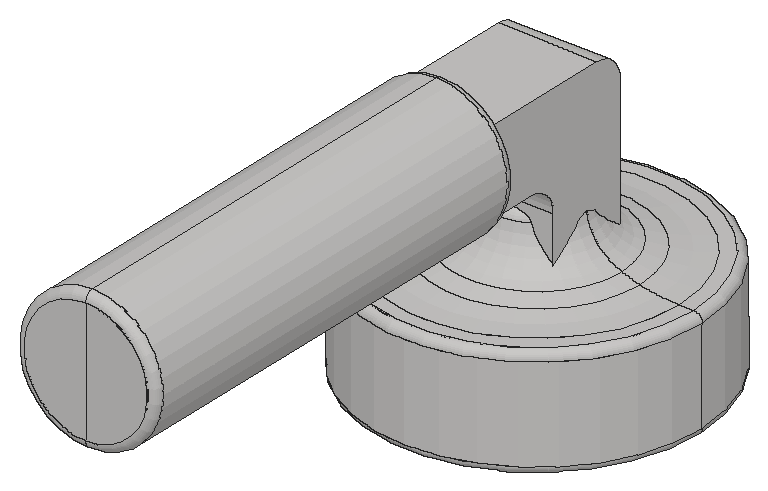
Revit family "FG74860-SUP473283_BIM", category Plumbing Fixtures, host Face, Revit 2014
Parameters (values of type "Standard")
  Width = 1 31/64"  # constant formula
  Vent Connection = no
  URL = ""
  Manufacturer = ""
  Faucet Material = Metal - Delta - Stainless-Steel
  Model = "FG74860-SUP473283"  # constant formula
  Height = 1 7/16"  # constant formula
  Description = "Faucet"  # constant formula
  Depth = 1 31/64"  # constant formula
  Default Elevation = 0"
Reference planes (in)
  plane 1 "Center (Front/Back)": y = 0
  plane 2: z = 0
  plane 3 "Center (Left/Right)": x = 0
  plane 4: x = 10.125
  plane 5: x = -0.74219
  plane 6: x = 0.74219
  plane 7: y = 0.74219
  plane 8: y = -0.74219
  plane 9: z = 1.4375
Forms (in)
  Revolve 1, solid, material "Metal - Delta - Stainless-Steel" <- "Faucet Material"
    sketch origin (0, 0, 0) x (1, 0, 0) y (0, 0, 1)
      loop
        line (0, 0.41499) -> (0, 0.7588) -> (-0.17466, 0.7588)
        arc (-0.17466, 0.7588) -> (-0.20591, 0.74702) -> (-0.22163, 0.71755) r 0.04737
        arc (-0.22163, 0.71755) -> (-0.27229, 0.6019) -> (-0.37713, 0.53156) r 0.22569
        arc (-0.37713, 0.53156) -> (-0.41774, 0.51952) -> (-0.45878, 0.50904) r 1.10757
        arc (-0.45878, 0.50904) -> (-0.54543, 0.49388) -> (-0.63324, 0.4888) r 0.76222
        line (-0.63324, 0.4888) -> (-0.69891, 0.4888)
        arc (-0.69891, 0.4888) -> (-0.7255, 0.47779) -> (-0.73651, 0.4512) r 0.03761
        line (-0.73651, 0.4512) -> (-0.73651, 0.03169)
        arc (-0.73651, 0.03169) -> (-0.72723, 0.00928) -> (-0.70482, 0) r 0.03169
        line (-0.70482, 0) -> (-0.66383, 0) -> (-0.64934, 0.41499) -> (0, 0.41499)
      axis (0, 0.7588) -> (0, 0)
    angle from 0 to 360
  Revolve 2, solid, material "Metal - Delta - Stainless-Steel" <- "Faucet Material"
    sketch origin (0, 0, 0) x (0, 1, 0) y (0, 0, 1)
      loop
        arc (-2.47321, 1.41602) -> (-2.50114, 1.40445) -> (-2.5127, 1.37652) r 0.0395
        line (-2.5127, 1.37652) -> (-2.5127, 1.1013) -> (-0.5127, 1.1013) -> (-0.5127, 1.37046)
        arc (-0.5127, 1.37046) -> (-0.52605, 1.40267) -> (-0.55826, 1.41602) r 0.04555
        line (-0.55826, 1.41602) -> (-2.47321, 1.41602)
      axis (-2.5127, 1.1013) -> (-0.5127, 1.1013)
    angle from 0 to 360
  Extrusion 3, solid, material "Metal - Delta - Stainless-Steel" <- "Faucet Material"
    sketch origin (0, 0, 0) x (0, 1, 0) y (0, 0, 1)
      loop
        line (0.06064, 1.28879) -> (-0.62288, 1.28879) -> (-0.62288, 0.91315) -> (-0.30844, 0.91315)
        arc (-0.30844, 0.91315) -> (-0.22072, 0.87681) -> (-0.18439, 0.7891) r 0.12405
        line (-0.18439, 0.7891) -> (-0.18439, 0.46271) -> (0.1871, 0.46271) -> (0.1871, 1.16233)
        arc (0.1871, 1.16233) -> (0.15006, 1.25175) -> (0.06064, 1.28879) r 0.12646
    from -0.22003 to 0.21997
Dimensions and locks (in)
  equal spacing: plane 5, plane 3 "Center (Left/Right)", plane 6
  "Width": plane 5 to plane 6
  equal spacing: plane 7, plane 1 "Center (Front/Back)", plane 8
  "Depth": plane 7 to plane 8
  "Height": plane 9 to plane 2
  aligned and locked: plane 2 to host face
  aligned and locked: level to host face
Automatic sketch dimensions
  host sketch curve to host sketch curve = 96"  (x2)
  Revolve 1 sketch curve to level = 0"
  Revolve 1 sketch curve to plane 3 "Center (Left/Right)" = 0"  (x2)
  Revolve 1 sketch curve to Revolve 1 sketch curve = 0.17466"
  Revolve 1 sketch curve to Revolve 1 sketch curve = 0.27077"
  Revolve 1 sketch curve to Revolve 1 sketch curve = 0.0161"
  Revolve 1 sketch curve to Revolve 1 sketch curve = 0.06566"
  Revolve 1 sketch curve to Revolve 1 sketch curve = 0.04099"
  Revolve 1 sketch curve to Revolve 1 sketch curve = 0.03761"
  level to Revolve 1 sketch curve = 0.41499"
  Revolve 1 sketch curve to Revolve 1 sketch curve = 0.03621"
  Revolve 1 sketch curve to Revolve 1 sketch curve = 0.29645"
  Revolve 1 sketch curve to Revolve 1 sketch curve = 0.03523"
  Revolve 1 sketch curve to Revolve 1 sketch curve = 0.04737"
  Revolve 1 sketch curve to Revolve 1 sketch curve = 0.50435"
  Revolve 1 sketch curve to Revolve 1 sketch curve = 0.33619"
  Revolve 1 sketch curve to Revolve 1 sketch curve = 0"  (x2)
  Revolve 1 sketch curve to Revolve 1 sketch curve = 0.13507"
  Revolve 1 sketch curve to Revolve 1 sketch curve = 0.014"
  Revolve 2 sketch curve to Revolve 2 sketch curve = 0.0395"
  Revolve 2 sketch curve to Revolve 2 sketch curve = 0.04555"
  level to Revolve 2 sketch curve = 1.1013"
  Revolve 2 sketch curve to Revolve 2 sketch curve = 0.26916"
  Revolve 2 sketch curve to Revolve 2 sketch curve = 0.08119"
  Revolve 2 sketch curve to Revolve 2 sketch curve = 0.06681"
  Revolve 2 sketch curve to Revolve 2 sketch curve = 0"
  plane 1 "Center (Front/Back)" to Extrusion 3 sketch curve = 0.30844"
  plane 1 "Center (Front/Back)" to Extrusion 3 sketch curve = 0.18439"
  Extrusion 3 sketch curve to plane 1 "Center (Front/Back)" = 0.06064"
  Extrusion 3 sketch curve to plane 1 "Center (Front/Back)" = 0.1871"
  level to Extrusion 3 sketch curve = 0.46271"
  Extrusion 3 sketch curve to Extrusion 3 sketch curve = 0.32638"
  Extrusion 3 sketch curve to Extrusion 3 sketch curve = 0.24918"
  plane 1 "Center (Front/Back)" to Revolve 2 sketch curve = 2.5127"
  plane 1 "Center (Front/Back)" to Revolve 2 sketch curve = 0.55826"
  Extrusion 3 sketch curve to Extrusion 3 sketch curve = 0.31444"
  Revolve 1 sketch curve to Revolve 1 sketch curve = 0.18782"
  Revolve 1 sketch curve to Revolve 1 sketch curve = 0.07268"
  Revolve 1 sketch curve to Revolve 1 sketch curve = 0.07905"
